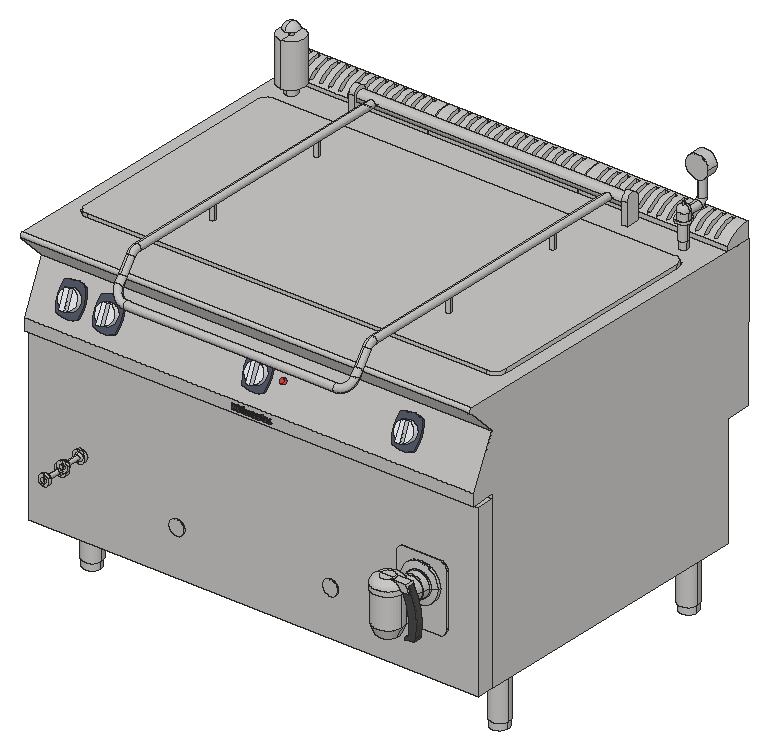
Revit family "QF_ELECTROLUXPROFESSIONAL_391105_E9BSGLIUFE", category Specialty Equipment, Revit 2018
Family settings
  Round Connector Dimension = Use Diameter
  Part Type = Normal
  Work Plane-Based = No
  Always vertical = Yes
  Cut with Voids When Loaded = No
  Shared = No
  Room Calculation Point = No
Parameters
  Width = 1200 mm  # constant formula
  Weight in Pounds = 222  # constant formula
  Watts = 0 W
  Waste Water Discharge Temperature [instance] = -459.67 °F
  Volts = 230 V  # constant formula
  URL Cutsheet = "www.electrolux.com"
  URL = "www.electrolux.com"
  Type Mark [instance] = ""
  Status [instance] = ""
  Specification by User [instance] = ""
  Specification by Manufacturer = ""
  Show Logo [instance] = yes
  Show Clearance [instance] = yes
  Serial Number = ""
  Seismic Rating = ""
  SMACNA No = ""
  Revision Code [instance] = ""
  Plumbing Remarks [instance] = ""
  Plumbing Connection Type [instance] = ""
  Phase = 1
  Omniclass Number and Title = ""
  Number of Poles [instance] = 1
  NAFEM Spec ID Number = ""
  Model = "391105"
  Min Ckt Ampacity = 0 A
  Mechanical Remarks [instance] = ""
  Mechanical Connection Type [instance] = ""
  Max Overcurrent Protection = 0 A
  Masterspec = ""
  Manufacturer = "ELECTROLUX"
  Item Number [instance] = ""
  Installed By [instance] = ""
  Indirect Waste Size = 1"
  Indirect Waste Flow [instance] = 0 GPM
  Indirect Waste Connection Type [instance] = ""
  Indirect Waste Connection Height [instance] = 0 mm
  Identify Quantity as Lot [instance] = yes
  Hot Water Temperature [instance] = -459.67 °F
  Hot Water Size = 3/4"
  Hot Water RI Height [instance] = 0 mm
  Hot Water Minimum Pressure = 0.00 psi
  Hot Water Maximum Pressure = 0.00 psi
  Hot Water Flow [instance] = 0 GPM
  Hot Water Consumption = 0 GPM
  Hot Water Connection Height = 0 mm
  Height = 850 mm  # constant formula
  HP = "0.1 HP"
  Gas Size = 3/4"
  Gas RI Height [instance] = 0 mm
  Gas KW [instance] = 35  # constant formula
  Gas Input [instance] = 34967.8 VA  # 119315.0 Btu/h
  Gas Connection Height = 0 mm
  Furnished By [instance] = ""
  Foodservice Equipment Identifier [instance] = yes
  FL Amps = if(Phase = 3, Watts / (Volts * 1.73), Watts / Volts)  # 0 A
  Electrical Remarks [instance] = "230 V/1N ph/50/60 Hz"  # constant formula
  Electric Connection Type [instance] = ""
  Elec Conn RI Height [instance] = 0 mm
  Elec Conn Connection Height [instance] = 0 mm
  Direct Waste Size = 1/2"
  Description = "900XP GAS RECTANGULAR BOILING PAN 250LT - 230 V"
  Depth = 930 mm  # constant formula
  Cycle [instance] = if([60 Hertz Option], 60 Hz, 50 Hz)  # 60 Hz
  Conn Plug = ""
  Conn Conduit = yes
  Cold Water Temperature Recommended [instance] = -459.67 °F
  Cold Water Size = 3/4"
  Cold Water RI Height [instance] = 0 mm
  Cold Water Minimum Pressure = 0.00 psi
  Cold Water Maximum Pressure = 0.00 psi
  Cold Water Flow [instance] = 0 GPM
  Cold Water Consumption = ""
  Cold Water Connection Height = 0 mm
  CSI MasterFormat = ""
  CSI Master Format = ""
  Apparent Power = if(Phase = 3, Volts * FL Amps * 1.73, Volts * FL Amps)  # 0 VA
  60 Hertz Option [instance] = not([50 Hertz Option])  # yes
  50 Hertz Option [instance] = no
Reference planes
  plane 1 "BACK": y = 0
  plane 2: z = 0
  plane 3 "LEFT": x = 0
  plane 4 "RIGHT": x = 1200
  plane 5 "FRONT": y = -930
  plane 6 "TOP": z = 850
  plane 7 "Center Y": x = 600
  plane 8 "Center X": y = -465
  plane 9: z = 1734
  plane 10: z = 150
  plane 11: y = -130
  plane 12: y = -760
  plane 13: y = -1015
  plane 14: x = 56
  plane 15: x = 1144
  plane 16: x = 1060
  plane 17: x = 100
  plane 18: x = 160
Forms (mm)
  Extrusion 1, solid, material "QF_Finishes_Stainless Steel"
    sketch origin (0, 0, 576.213) x (0, 1, 0) y (0, 0, 1)
      loop
        line (0, -127.212) -> (0, 273.787) -> (-922.342, 273.787)
        arc (-922.342, 273.787) -> (-929.417, 269.06) -> (-927.757, 260.714) r 7.658
        line (-927.757, 260.714) -> (-857.613, 190.57) -> (-915.31, 65.214) -> (-915.31, 33.916) -> (-855.186, 38.612)
        arc (-855.186, 38.612) -> (-852.661, 37.864) -> (-851.569, 35.468) r 3.175
        line (-851.569, 35.468) -> (-851.569, -426.212) -> (-70, -426.212) -> (-70, -127.212) -> (0, -127.212)
      loop
        line (-900, 25.858) -> (-900, -426.212) -> (-854.744, -426.212) -> (-854.744, 25.858) -> (-900, 25.858)
    from 0 to 1200
  Revolve 2, solid, material "QF_Finishes_Stainless Steel"
    sketch origin (1, -130, 0) x (1, 0, 0) y (0, 0, 1)
      loop
        line (55, 0) -> (55, 150) -> (29.6, 150) -> (29.6, 19.05) -> (32.1, 19.05) -> (32.1, 0) -> (55, 0)
      axis (55, 0) -> (55, 150)
    angle from 0 to 360
  Revolve 3, solid, material "QF_Finishes_Stainless Steel"
    sketch origin (1, -760, 0) x (1, 0, 0) y (0, 0, 1)
      loop
        line (55, 0) -> (55, 150) -> (29.6, 150) -> (29.6, 19.05) -> (32.1, 19.05) -> (32.1, 0) -> (55, 0)
      axis (55, 0) -> (55, 150)
    angle from 0 to 360
  Revolve 4, solid, material "QF_Finishes_Stainless Steel"
    sketch origin (1199, -130, 0) x (-1, 0, 0) y (0, 0, -1)
      loop
        line (55, 0) -> (32.1, 0) -> (32.1, -19.05) -> (29.6, -19.05) -> (29.6, -150) -> (55, -150) -> (55, 0)
      axis (55, 0) -> (55, -150)
    angle from 0 to 360
  Revolve 5, solid, material "QF_Finishes_Stainless Steel"
    sketch origin (1199, -760, 0) x (-1, 0, 0) y (0, 0, -1)
      loop
        line (55, 0) -> (32.1, 0) -> (32.1, -19.05) -> (29.6, -19.05) -> (29.6, -150) -> (55, -150) -> (55, 0)
      axis (55, 0) -> (55, -150)
    angle from 0 to 360
  Extrusion 6, solid, material "QF_Finishes_Stainless Steel"
    sketch origin (0, 0, 560.363) x (0, 1, 0) y (0, 0, 1)
      loop
        line (0, 289.638) -> (0, 331.738)
        arc (0, 331.738) -> (-38.857, 324.552) -> (-69.85, 300.038) r 82.056
        line (-69.85, 300.038) -> (-69.85, 289.638) -> (0, 289.638)
    from 0 to 400
  Extrusion 7, void
    sketch origin (0, 0, 835) x (0, -1, 0) y (1, 0, 0)
      loop
        line (6.761, 29.703) -> (63.911, 29.703) -> (63.911, 38.999) -> (6.761, 38.999) -> (6.761, 29.703)
      loop
        line (63.911, 64.487) -> (6.761, 64.487) -> (6.761, 55.191) -> (63.911, 55.191) -> (63.911, 64.487)
      loop
        line (63.911, 89.975) -> (6.761, 89.975) -> (6.761, 80.68) -> (63.911, 80.68) -> (63.911, 89.975)
      loop
        line (63.911, 115.464) -> (6.761, 115.464) -> (6.761, 106.168) -> (63.911, 106.168) -> (63.911, 115.464)
      loop
        line (63.911, 140.952) -> (6.761, 140.952) -> (6.761, 131.656) -> (63.911, 131.656) -> (63.911, 140.952)
      loop
        line (63.911, 166.44) -> (6.761, 166.44) -> (6.761, 157.145) -> (63.911, 157.145) -> (63.911, 166.44)
      loop
        line (63.911, 191.929) -> (6.761, 191.929) -> (6.761, 182.633) -> (63.911, 182.633) -> (63.911, 191.929)
      loop
        line (63.911, 217.417) -> (6.761, 217.417) -> (6.761, 208.121) -> (63.911, 208.121) -> (63.911, 217.417)
      loop
        line (63.911, 242.905) -> (6.761, 242.905) -> (6.761, 233.61) -> (63.911, 233.61) -> (63.911, 242.905)
      loop
        line (63.911, 268.394) -> (6.761, 268.394) -> (6.761, 259.098) -> (63.911, 259.098) -> (63.911, 268.394)
      loop
        line (63.911, 293.882) -> (6.761, 293.882) -> (6.761, 284.586) -> (63.911, 284.586) -> (63.911, 293.882)
      loop
        line (63.911, 319.37) -> (6.761, 319.37) -> (6.761, 310.075) -> (63.911, 310.075) -> (63.911, 319.37)
      loop
        line (63.911, 344.859) -> (6.761, 344.859) -> (6.761, 335.563) -> (63.911, 335.563) -> (63.911, 344.859)
      loop
        line (63.911, 370.347) -> (6.761, 370.347) -> (6.761, 361.051) -> (63.911, 361.051) -> (63.911, 370.347)
    from 25.4 to 63.5
  Extrusion 8, solid, material "QF_Finishes_Navy Blue"
    sketch origin (-437.256, -913.119, 646.186) x (0, 0.418102, 0.9084) y (-1, 0, 0)
      loop
        arc (102.623, -510.47) -> (67.041, -502.846) -> (31.333, -509.853) r 90.5
        arc (31.333, -509.853) -> (24.507, -539.04) -> (31.333, -568.228) r 65.817
        arc (31.333, -568.228) -> (67.04, -575.188) -> (102.623, -567.615) r 91.066
        arc (102.623, -567.615) -> (109.179, -539.043) -> (102.623, -510.47) r 65.546
      loop
        arc (102.623, -610.47) -> (67.041, -602.846) -> (31.333, -609.853) r 90.5
        arc (31.333, -609.853) -> (24.507, -639.04) -> (31.333, -668.228) r 65.817
        arc (31.333, -668.228) -> (67.04, -675.188) -> (102.623, -667.615) r 91.066
        arc (102.623, -667.615) -> (109.179, -639.043) -> (102.623, -610.47) r 65.546
      loop
        arc (102.623, -1065.829) -> (109.179, -1037.256) -> (102.623, -1008.684) r 65.546
        arc (102.623, -1008.684) -> (67.04, -1001.111) -> (31.333, -1008.071) r 91.066
        arc (31.333, -1008.071) -> (24.507, -1037.259) -> (31.333, -1066.446) r 65.817
        arc (31.333, -1066.446) -> (67.041, -1073.453) -> (102.623, -1065.829) r 90.5
      loop
        arc (102.623, -1465.829) -> (109.179, -1437.256) -> (102.623, -1408.684) r 65.546
        arc (102.623, -1408.684) -> (67.04, -1401.111) -> (31.333, -1408.071) r 91.066
        arc (31.333, -1408.071) -> (24.507, -1437.259) -> (31.333, -1466.446) r 65.817
        arc (31.333, -1466.446) -> (67.041, -1473.453) -> (102.623, -1465.829) r 90.5
    from 0 to 3.175
  Extrusion 9, solid, material "QF_Finishes_White"
    sketch origin (-58.506, -916.833, 645.711) x (0, 0.418102, 0.9084) y (-1, 0, 0)
      loop
        circle (68.826, -160.963) r 25.4
      loop
        circle (68.826, -658.506) r 25.4
      loop
        circle (68.826, -260.293) r 25.4
      loop
        circle (68.826, -1058.506) r 25.4
    from 0 to 12.7
  Extrusion 10, solid, material "QF_Finishes_White"
    sketch origin (-58.506, -928.369, 651.021) x (0, 0.418102, 0.9084) y (-1, 0, 0)
      loop
        arc (93.558, -166.749) -> (94.226, -160.963) -> (93.558, -155.177) r 25.4
        line (93.558, -155.177) -> (44.094, -155.177)
        arc (44.094, -155.177) -> (43.426, -160.963) -> (44.094, -166.749) r 25.4
        line (44.094, -166.749) -> (93.558, -166.749)
      loop
        line (93.558, -652.72) -> (44.094, -652.72)
        arc (44.094, -652.72) -> (43.426, -658.506) -> (44.094, -664.292) r 25.4
        line (44.094, -664.292) -> (93.558, -664.292)
        arc (93.558, -664.292) -> (94.226, -658.506) -> (93.558, -652.72) r 25.4
      loop
        line (93.558, -254.506) -> (44.094, -254.506)
        arc (44.094, -254.506) -> (43.426, -260.293) -> (44.094, -266.079) r 25.4
        line (44.094, -266.079) -> (93.558, -266.079)
        arc (93.558, -266.079) -> (94.226, -260.293) -> (93.558, -254.506) r 25.4
      loop
        line (93.558, -1052.72) -> (44.094, -1052.72)
        arc (44.094, -1052.72) -> (43.426, -1058.506) -> (44.094, -1064.292) r 25.4
        line (44.094, -1064.292) -> (93.558, -1064.292)
        arc (93.558, -1064.292) -> (94.226, -1058.506) -> (93.558, -1052.72) r 25.4
    from 0 to 12.7
  Extrusion 11, solid, material "QF_Finishes_Red"
    sketch origin (351.939, -911.18, 650.399) x (0, 0.418102, 0.9084) y (-1, 0, 0)
      loop
        circle (65.471, -315.169) r 6.35
    from 0 to 6
  Extrusion 12, solid, material "QF_Finishes_Navy Blue", visible <- "Show Logo"
    sketch origin (266.109, -915.31, 610.773) x (0, 0, 1) y (-1, 0, 0)
      loop
        line (20.674, -296.698) -> (8.307, -296.698)
        arc (8.307, -296.698) -> (14.491, -301.27) -> (20.674, -296.698) r 6.467
      loop
        arc (20.674, -296.069) -> (19.505, -290.926) -> (14.849, -288.448) r 6.338
        line (14.849, -288.448) -> (14.849, -290.494)
        arc (14.849, -290.494) -> (16.333, -294.149) -> (19.778, -296.069) r 5.941
        line (19.778, -296.069) -> (20.674, -296.069)
      loop
        arc (9.203, -296.069) -> (12.648, -294.149) -> (14.132, -290.494) r 5.941
        line (14.132, -290.494) -> (14.132, -288.448)
        arc (14.132, -288.448) -> (9.438, -290.922) -> (8.148, -296.069) r 6.504
        line (8.148, -296.069) -> (9.203, -296.069)
      loop
        line (21.349, -287.979) -> (7.604, -287.979) -> (7.604, -301.742) -> (21.349, -301.742) -> (21.349, -287.979)
      loop
        arc (21.432, -304.71) -> (21.085, -304.352) -> (20.718, -304.69) r 0.358
        arc (20.718, -304.69) -> (20.404, -305.44) -> (19.687, -305.825) r 1.216
        line (19.687, -305.825) -> (9.274, -305.825)
        arc (9.274, -305.825) -> (8.614, -305.548) -> (8.218, -304.951) r 1.238
        arc (8.218, -304.951) -> (7.823, -304.7) -> (7.518, -305.054) r 0.358
        line (7.518, -305.054) -> (7.518, -314.933) -> (10.269, -314.933) -> (10.269, -314.036)
        arc (10.269, -314.036) -> (9.36, -313.456) -> (8.904, -312.479) r 1.928
        line (8.904, -312.479) -> (8.904, -309.98)
        arc (8.904, -309.98) -> (9.18, -309.251) -> (9.868, -308.887) r 1.101
        line (9.868, -308.887) -> (13.955, -308.887) -> (13.955, -312.561)
        arc (13.955, -312.561) -> (13.602, -313.058) -> (13.037, -313.286) r 1.083
        arc (13.037, -313.286) -> (12.773, -313.591) -> (13.065, -313.869) r 0.292
        line (13.065, -313.869) -> (16.028, -313.869)
        arc (16.028, -313.869) -> (16.33, -313.596) -> (16.092, -313.266) r 0.305
        arc (16.092, -313.266) -> (15.601, -313.018) -> (15.296, -312.561) r 1.083
        line (15.296, -312.561) -> (15.296, -308.887) -> (19.973, -308.887) -> (19.973, -312.635)
        arc (19.973, -312.635) -> (19.759, -313.39) -> (19.153, -313.888) r 1.314
        arc (19.153, -313.888) -> (18.934, -314.292) -> (19.288, -314.585) r 0.361
        line (19.288, -314.585) -> (21.432, -314.585) -> (21.432, -304.71)
      loop
        arc (20.715, -315.365) -> (20.335, -316.284) -> (19.416, -316.664) r 1.299
        line (19.416, -316.664) -> (9.837, -316.664)
        arc (9.837, -316.664) -> (8.999, -316.286) -> (8.728, -315.408) r 1.118
        line (8.728, -315.408) -> (7.518, -315.408) -> (7.518, -320.758) -> (8.706, -320.758)
        arc (8.706, -320.758) -> (8.978, -319.841) -> (9.848, -319.445) r 1.153
        line (9.848, -319.445) -> (21.92, -319.445) -> (20.715, -315.365)
      loop
        line (12.483, -323.394) -> (12.483, -329.842) -> (13.282, -329.842)
        arc (13.282, -329.842) -> (15.862, -328.857) -> (17.131, -326.404) r 3.874
        line (17.131, -326.404) -> (17.131, -324.643)
        arc (17.131, -324.643) -> (15.944, -321.778) -> (13.08, -320.592) r 4.051
        line (13.08, -320.592) -> (11.072, -320.592)
        arc (11.072, -320.592) -> (8.253, -322.077) -> (7.202, -325.084) r 4.352
        arc (7.202, -325.084) -> (7.566, -327.547) -> (8.943, -329.621) r 5.713
        line (8.943, -329.621) -> (9.892, -329.621)
        arc (9.892, -329.621) -> (9.16, -328.052) -> (8.943, -326.334) r 5.579
        arc (8.943, -326.334) -> (9.737, -324.371) -> (11.616, -323.394) r 3.057
        line (11.616, -323.394) -> (12.483, -323.394)
      loop
        line (13.742, -323.394) -> (13.742, -326.977)
        arc (13.742, -326.977) -> (15.199, -327.024) -> (16.082, -325.864) r 1.59
        line (16.082, -325.864) -> (16.082, -325.034)
        arc (16.082, -325.034) -> (15.217, -323.779) -> (13.742, -323.394) r 2.184
      loop
        arc (16.533, -339.259) -> (17.022, -337.585) -> (17.179, -335.848) r 9.023
        line (17.179, -335.848) -> (17.179, -334.486)
        arc (17.179, -334.486) -> (16.02, -331.686) -> (13.22, -330.527) r 3.959
        line (13.22, -330.527) -> (10.62, -330.527)
        arc (10.62, -330.527) -> (8.338, -331.819) -> (7.221, -334.192) r 4.331
        line (7.221, -334.192) -> (7.221, -336.327)
        arc (7.221, -336.327) -> (7.729, -337.877) -> (8.651, -339.223) r 5.772
        arc (8.651, -339.223) -> (9.412, -339.274) -> (9.499, -338.515) r 0.553
        arc (9.499, -338.515) -> (9.111, -337.781) -> (8.977, -336.962) r 2.573
        line (8.977, -336.962) -> (8.977, -335.447)
        arc (8.977, -335.447) -> (9.983, -333.806) -> (11.798, -333.163) r 2.884
        line (11.798, -333.163) -> (13.077, -333.163)
        arc (13.077, -333.163) -> (14.898, -333.723) -> (15.824, -335.388) r 2.554
        line (15.824, -335.388) -> (15.824, -336.441)
        arc (15.824, -336.441) -> (15.493, -337.369) -> (14.836, -338.104) r 2.564
        arc (14.836, -338.104) -> (14.614, -338.821) -> (15.223, -339.259) r 0.643
        line (15.223, -339.259) -> (16.533, -339.259)
      loop
        line (15.515, -339.53) -> (15.515, -341.031) -> (9.467, -341.031)
        arc (9.467, -341.031) -> (7.879, -341.688) -> (7.221, -343.276) r 2.246
        line (7.221, -343.276) -> (7.221, -344.86)
        arc (7.221, -344.86) -> (7.535, -345.725) -> (8.035, -346.496) r 4.06
        arc (8.035, -346.496) -> (8.768, -346.629) -> (9.019, -345.928) r 0.576
        arc (9.019, -345.928) -> (8.913, -345.403) -> (8.977, -344.87) r 1.69
        arc (8.977, -344.87) -> (9.519, -344.082) -> (10.425, -343.779) r 1.506
        line (10.425, -343.779) -> (15.563, -343.779) -> (15.563, -346.176) -> (16.119, -346.733) -> (16.941, -346.733) -> (16.941, -343.873) -> (20.172, -343.873) -> (15.515, -339.53)
      loop
        line (7.438, -347.63) -> (7.438, -353.017) -> (8.548, -353.017)
        arc (8.548, -353.017) -> (8.942, -352.066) -> (9.893, -351.672) r 1.345
        line (9.893, -351.672) -> (13.509, -351.672)
        arc (13.509, -351.672) -> (14.274, -352.264) -> (14.564, -353.186) r 1.615
        line (14.564, -353.186) -> (14.564, -354.742) -> (17.119, -355.427) -> (17.119, -354.044) -> (15.177, -351.485) -> (17.057, -351.485) -> (16.773, -348.779)
        arc (16.773, -348.779) -> (16.333, -348.249) -> (15.674, -348.45) r 0.621
        arc (15.674, -348.45) -> (15.274, -348.792) -> (14.78, -348.975) r 1.501
        line (14.78, -348.975) -> (9.893, -348.975)
        arc (9.893, -348.975) -> (8.942, -348.581) -> (8.548, -347.63) r 1.345
        line (8.548, -347.63) -> (7.438, -347.63)
      loop
        line (13.54, -354.964) -> (10.848, -354.964)
        arc (10.848, -354.964) -> (8.403, -356.272) -> (7.269, -358.803) r 4.288
        arc (7.269, -358.803) -> (7.205, -360.183) -> (7.269, -361.563) r 15.022
        arc (7.269, -361.563) -> (8.403, -364.094) -> (10.848, -365.401) r 4.288
        line (10.848, -365.401) -> (13.54, -365.401)
        arc (13.54, -365.401) -> (15.986, -364.094) -> (17.119, -361.563) r 4.288
        arc (17.119, -361.563) -> (17.183, -360.183) -> (17.119, -358.803) r 15.022
        arc (17.119, -358.803) -> (15.986, -356.272) -> (13.54, -354.964) r 4.288
      loop
        line (13.745, -358.078) -> (10.643, -358.078)
        arc (10.643, -358.078) -> (8.486, -360.235) -> (10.643, -362.392) r 2.157
        line (10.643, -362.392) -> (13.745, -362.392)
        arc (13.745, -362.392) -> (15.902, -360.235) -> (13.745, -358.078) r 2.157
      loop
        arc (20.726, -365.26) -> (20.355, -366.154) -> (19.461, -366.524) r 1.264
        line (19.461, -366.524) -> (9.597, -366.524)
        arc (9.597, -366.524) -> (8.727, -366.127) -> (8.455, -365.211) r 1.153
        line (8.455, -365.211) -> (7.518, -365.211) -> (7.518, -370.319) -> (8.446, -370.319)
        arc (8.446, -370.319) -> (8.805, -369.547) -> (9.597, -369.232) r 1.153
        line (9.597, -369.232) -> (21.92, -369.232) -> (20.726, -365.26)
      loop
        arc (15.846, -369.857) -> (15.647, -370.921) -> (14.678, -371.403) r 1.215
        line (14.678, -371.403) -> (9.658, -371.403)
        arc (9.658, -371.403) -> (8.043, -372.051) -> (7.322, -373.634) r 2.338
        line (7.322, -373.634) -> (7.322, -375.148)
        arc (7.322, -375.148) -> (7.497, -376.152) -> (7.999, -377.038) r 2.979
        line (7.999, -377.038) -> (7.518, -378.835) -> (7.518, -380.524) -> (16.943, -380.524) -> (16.649, -376.32) -> (15.863, -376.32)
        arc (15.863, -376.32) -> (15.507, -377.156) -> (14.755, -377.665) r 1.605
        line (14.755, -377.665) -> (9.652, -377.665)
        arc (9.652, -377.665) -> (9.232, -376.728) -> (9.159, -375.704) r 2.94
        arc (9.159, -375.704) -> (9.72, -374.603) -> (10.873, -374.16) r 1.724
        line (10.873, -374.16) -> (17.07, -374.16) -> (15.846, -369.857)
      loop
        line (16.874, -381.377) -> (15.202, -383.423) -> (12.028, -385.729) -> (8.572, -382.617)
        arc (8.572, -382.617) -> (8.335, -382.223) -> (8.357, -381.764) r 0.789
        line (8.357, -381.764) -> (7.518, -381.764) -> (7.518, -385.309) -> (8.344, -385.309)
        arc (8.344, -385.309) -> (8.686, -384.947) -> (9.176, -385.039) r 0.52
        line (9.176, -385.039) -> (10.976, -386.51) -> (8.858, -387.886)
        arc (8.858, -387.886) -> (8.457, -387.576) -> (8.37, -387.076) r 0.7
        line (8.37, -387.076) -> (7.518, -387.076) -> (7.518, -393.003) -> (8.405, -393.003)
        arc (8.405, -393.003) -> (8.472, -392.344) -> (8.866, -391.813) r 1.247
        line (8.866, -391.813) -> (13.066, -388.532) -> (15.513, -390.585) -> (16.874, -392.327) -> (16.874, -388.604) -> (15.389, -389.026) -> (13.868, -387.749) -> (15.568, -386.559) -> (16.874, -387.336) -> (16.874, -381.377)
    from 0 to 1.644
  Extrusion 13, solid, material "QF_Finishes_Stainless Steel"
    sketch origin (0, -900, 592.071) x (0, 0, 1) y (-1, 0, 0)
      loop
        circle (-320.2, -394.973) r 20
      loop
        circle (-320.2, -805.027) r 20
    from 0 to 1.6
  Extrusion 14, solid, material "QF_Finishes_Stainless Steel"
    sketch origin (650, -900, 592.071) x (0, 0, 1) y (-1, 0, 0)
      loop
        arc (-150.774, -353.125) -> (-156.632, -338.983) -> (-170.774, -333.125) r 20
        line (-170.774, -333.125) -> (-310.774, -333.125)
        arc (-310.774, -333.125) -> (-324.916, -338.983) -> (-330.774, -353.125) r 20
        line (-330.774, -353.125) -> (-330.774, -446.875)
        arc (-330.774, -446.875) -> (-324.916, -461.017) -> (-310.774, -466.875) r 20
        line (-310.774, -466.875) -> (-170.774, -466.875)
        arc (-170.774, -466.875) -> (-156.632, -461.017) -> (-150.774, -446.875) r 20
        line (-150.774, -446.875) -> (-150.774, -353.125)
    from 0 to 3.2
  Revolve 15, solid, material "QF_Finishes_Stainless Steel"
    sketch origin (700, -127.411, 373.218) x (1, 0, 0) y (0, 1, 0)
      loop
        line (350, -775.828) -> (350, -864.845) -> (377.31, -864.845) -> (377.31, -807.326) -> (381.52, -807.326) -> (381.52, -788.802) -> (383.56, -788.802) -> (383.56, -785.903) -> (400.479, -782.307) -> (400.479, -775.828) -> (350, -775.828)
      axis (350, -864.845) -> (350, -775.828)
    angle from 0 to 360
  Revolve 16, solid, material "QF_Finishes_Stainless Steel"
    sketch origin (700, -1015, -175.451) x (1, 0, 0) y (0, 0, 1)
      loop
        line (387.487, 584.414) -> (391.109, 584.414) -> (391.109, 596.458)
        arc (391.109, 596.458) -> (383.595, 608.72) -> (370.039, 613.521) r 21.541
        line (370.039, 613.521) -> (350, 613.521) -> (350, 475.451) -> (376.476, 475.451) -> (387.487, 500.451) -> (387.487, 584.414)
      axis (350, 475.451) -> (350, 613.521)
    angle from 0 to 360
  Extrusion 17, solid, material "QF_Finishes_Black"
    sketch origin (650, -930, 35) x (1, 0, 0) y (0, 0, 1)
      loop
        arc (462.072, 282.761) -> (458.739, 279.204) -> (454.343, 277.096) r 13.226
        arc (454.343, 277.096) -> (451.562, 273.099) -> (455.036, 269.686) r 3.774
        line (455.036, 269.686) -> (472.172, 272.033)
        arc (472.172, 272.033) -> (478.889, 276.04) -> (480.667, 283.655) r 10
        arc (480.667, 283.655) -> (479.826, 343.081) -> (460.542, 399.297) r 188.693
        line (460.542, 399.297) -> (438.183, 399.297)
        arc (438.183, 399.297) -> (458.444, 342.734) -> (462.072, 282.761) r 212.616
    from 77.064 to 92.936
  Extrusion 18, solid, material "QF_Finishes_Stainless Steel"
    sketch origin (650, -930, 35) x (1, 0, 0) y (0, 0, 1)
      loop
        line (436.837, 382.461) -> (463.876, 382.461)
        arc (463.876, 382.461) -> (461.091, 393.228) -> (456.741, 403.464) r 74.823
        line (456.741, 403.464) -> (415.663, 403.464)
        arc (415.663, 403.464) -> (428.508, 395.239) -> (436.837, 382.461) r 36.276
    from 74.362 to 95.975
  Revolve 19, solid, material "QF_Finishes_Stainless Steel"
    sketch origin (138.599, 0, -92.295) x (0, 1, 0) y (0, 0, 1)
      loop
        line (-900, 446.296) -> (-965.345, 446.296) -> (-965.345, 440.585) -> (-962.863, 440.585) -> (-962.863, 431.892) -> (-957.863, 431.892) -> (-957.863, 435.145) -> (-952.863, 435.145) -> (-952.863, 440.585) -> (-912.544, 440.585)
        arc (-912.544, 440.585) -> (-910.281, 437.945) -> (-907.228, 436.28) r 9.637
        line (-907.228, 436.28) -> (-907.228, 429.925) -> (-900, 429.925) -> (-900, 446.296)
      axis (-965.345, 446.296) -> (-900, 446.296)
    angle from 0 to 360
  Revolve 20, solid, material "QF_Finishes_Stainless Steel"
    sketch origin (89.102, 0, -141.793) x (0, 1, 0) y (0, 0, 1)
      loop
        line (-900, 446.296) -> (-965.345, 446.296) -> (-965.345, 440.585) -> (-962.863, 440.585) -> (-962.863, 431.892) -> (-957.863, 431.892) -> (-957.863, 435.145) -> (-952.863, 435.145) -> (-952.863, 440.585) -> (-912.544, 440.585)
        arc (-912.544, 440.585) -> (-910.281, 437.945) -> (-907.228, 436.28) r 9.637
        line (-907.228, 436.28) -> (-907.228, 429.925) -> (-900, 429.925) -> (-900, 446.296)
      axis (-965.345, 446.296) -> (-900, 446.296)
    angle from 0 to 360
  Extrusion 21, solid, material "QF_Finishes_Stainless Steel"
    sketch origin (400, 0, 560.363) x (0, 1, 0) y (0, 0, 1)
      loop
        line (0, 289.638) -> (0, 331.738)
        arc (0, 331.738) -> (-38.857, 324.552) -> (-69.85, 300.038) r 82.056
        line (-69.85, 300.038) -> (-69.85, 289.638) -> (0, 289.638)
    from 0 to 400
  Extrusion 22, void
    sketch origin (400, 0, 835) x (0, -1, 0) y (1, 0, 0)
      loop
        line (6.761, 29.703) -> (63.911, 29.703) -> (63.911, 38.999) -> (6.761, 38.999) -> (6.761, 29.703)
      loop
        line (63.911, 64.487) -> (6.761, 64.487) -> (6.761, 55.191) -> (63.911, 55.191) -> (63.911, 64.487)
      loop
        line (63.911, 89.975) -> (6.761, 89.975) -> (6.761, 80.68) -> (63.911, 80.68) -> (63.911, 89.975)
      loop
        line (63.911, 115.464) -> (6.761, 115.464) -> (6.761, 106.168) -> (63.911, 106.168) -> (63.911, 115.464)
      loop
        line (63.911, 140.952) -> (6.761, 140.952) -> (6.761, 131.656) -> (63.911, 131.656) -> (63.911, 140.952)
      loop
        line (63.911, 166.44) -> (6.761, 166.44) -> (6.761, 157.145) -> (63.911, 157.145) -> (63.911, 166.44)
      loop
        line (63.911, 191.929) -> (6.761, 191.929) -> (6.761, 182.633) -> (63.911, 182.633) -> (63.911, 191.929)
      loop
        line (63.911, 217.417) -> (6.761, 217.417) -> (6.761, 208.121) -> (63.911, 208.121) -> (63.911, 217.417)
      loop
        line (63.911, 242.905) -> (6.761, 242.905) -> (6.761, 233.61) -> (63.911, 233.61) -> (63.911, 242.905)
      loop
        line (63.911, 268.394) -> (6.761, 268.394) -> (6.761, 259.098) -> (63.911, 259.098) -> (63.911, 268.394)
      loop
        line (63.911, 293.882) -> (6.761, 293.882) -> (6.761, 284.586) -> (63.911, 284.586) -> (63.911, 293.882)
      loop
        line (63.911, 319.37) -> (6.761, 319.37) -> (6.761, 310.075) -> (63.911, 310.075) -> (63.911, 319.37)
      loop
        line (63.911, 344.859) -> (6.761, 344.859) -> (6.761, 335.563) -> (63.911, 335.563) -> (63.911, 344.859)
      loop
        line (63.911, 370.347) -> (6.761, 370.347) -> (6.761, 361.051) -> (63.911, 361.051) -> (63.911, 370.347)
    from 25.4 to 63.5
  Extrusion 23, solid, material "QF_Finishes_Stainless Steel"
    sketch origin (800, 0, 560.363) x (0, 1, 0) y (0, 0, 1)
      loop
        line (0, 289.638) -> (0, 331.738)
        arc (0, 331.738) -> (-38.857, 324.552) -> (-69.85, 300.038) r 82.056
        line (-69.85, 300.038) -> (-69.85, 289.638) -> (0, 289.638)
    from 0 to 400
  Extrusion 24, void
    sketch origin (800, 0, 835) x (0, -1, 0) y (1, 0, 0)
      loop
        line (6.761, 29.703) -> (63.911, 29.703) -> (63.911, 38.999) -> (6.761, 38.999) -> (6.761, 29.703)
      loop
        line (63.911, 64.487) -> (6.761, 64.487) -> (6.761, 55.191) -> (63.911, 55.191) -> (63.911, 64.487)
      loop
        line (63.911, 89.975) -> (6.761, 89.975) -> (6.761, 80.68) -> (63.911, 80.68) -> (63.911, 89.975)
      loop
        line (63.911, 115.464) -> (6.761, 115.464) -> (6.761, 106.168) -> (63.911, 106.168) -> (63.911, 115.464)
      loop
        line (63.911, 140.952) -> (6.761, 140.952) -> (6.761, 131.656) -> (63.911, 131.656) -> (63.911, 140.952)
      loop
        line (63.911, 166.44) -> (6.761, 166.44) -> (6.761, 157.145) -> (63.911, 157.145) -> (63.911, 166.44)
      loop
        line (63.911, 191.929) -> (6.761, 191.929) -> (6.761, 182.633) -> (63.911, 182.633) -> (63.911, 191.929)
      loop
        line (63.911, 217.417) -> (6.761, 217.417) -> (6.761, 208.121) -> (63.911, 208.121) -> (63.911, 217.417)
      loop
        line (63.911, 242.905) -> (6.761, 242.905) -> (6.761, 233.61) -> (63.911, 233.61) -> (63.911, 242.905)
      loop
        line (63.911, 268.394) -> (6.761, 268.394) -> (6.761, 259.098) -> (63.911, 259.098) -> (63.911, 268.394)
      loop
        line (63.911, 293.882) -> (6.761, 293.882) -> (6.761, 284.586) -> (63.911, 284.586) -> (63.911, 293.882)
      loop
        line (63.911, 319.37) -> (6.761, 319.37) -> (6.761, 310.075) -> (63.911, 310.075) -> (63.911, 319.37)
      loop
        line (63.911, 344.859) -> (6.761, 344.859) -> (6.761, 335.563) -> (63.911, 335.563) -> (63.911, 344.859)
      loop
        line (63.911, 370.347) -> (6.761, 370.347) -> (6.761, 361.051) -> (63.911, 361.051) -> (63.911, 370.347)
    from 25.4 to 63.5
  Extrusion 25, solid, material "QF_Finishes_Stainless Steel"
    sketch origin (771.071, 3.488, 39.209) x (0, 1, 0) y (0, 0, -1)
      loop
        line (-86.2, -810.791) -> (-120.988, -810.791) -> (-120.988, -867.861)
        arc (-120.988, -867.861) -> (-103.594, -885.255) -> (-86.2, -867.861) r 17.394
        line (-86.2, -867.861) -> (-86.2, -810.791)
    from 527.978 to 542.561
  Extrusion 26, solid, material "QF_Finishes_Stainless Steel"
    sketch origin (428.929, 3.488, 39.209) x (0, 1, 0) y (0, 0, 1)
      loop
        line (-86.2, 810.791) -> (-86.2, 867.861)
        arc (-86.2, 867.861) -> (-103.594, 885.255) -> (-120.988, 867.861) r 17.394
        line (-120.988, 867.861) -> (-120.988, 810.791) -> (-86.2, 810.791)
    from 527.978 to 542.561
  Extrusion 27, void
    sketch origin (0, 0, 0) x (1, 0, 0) y (0, 1, 0)
      loop
        line (46.71, -190.49) -> (46.71, -760.931)
        arc (46.71, -760.931) -> (52.568, -775.073) -> (66.71, -780.931) r 20
        line (66.71, -780.931) -> (1133.29, -780.931)
        arc (1133.29, -780.931) -> (1147.432, -775.073) -> (1153.29, -760.931) r 20
        line (1153.29, -760.931) -> (1153.29, -190.49)
        arc (1153.29, -190.49) -> (1147.432, -176.348) -> (1133.29, -170.49) r 20
        line (1133.29, -170.49) -> (66.71, -170.49)
        arc (66.71, -170.49) -> (52.568, -176.348) -> (46.71, -190.49) r 20
    from 449 to 830.033
  Extrusion 28, void
    sketch origin (0, 0, 0) x (1, 0, 0) y (0, 1, 0)
      loop
        arc (66.71, -158.49) -> (44.082, -167.862) -> (34.71, -190.49) r 32
        line (34.71, -190.49) -> (34.71, -760.931)
        arc (34.71, -760.931) -> (44.082, -783.558) -> (66.71, -792.931) r 32
        line (66.71, -792.931) -> (1133.29, -792.931)
        arc (1133.29, -792.931) -> (1155.918, -783.558) -> (1165.29, -760.931) r 32
        line (1165.29, -760.931) -> (1165.29, -190.49)
        arc (1165.29, -190.49) -> (1155.918, -167.862) -> (1133.29, -158.49) r 32
        line (1133.29, -158.49) -> (66.71, -158.49)
    from 830.033 to 850
  Extrusion 29, solid, material "QF_Finishes_Stainless Steel"
    sketch origin (0, 0, 830.033) x (1, 0, 0) y (0, 1, 0)
      loop
        arc (66.71, -162.49) -> (46.911, -170.691) -> (38.71, -190.49) r 28
        line (38.71, -190.49) -> (38.71, -760.931)
        arc (38.71, -760.931) -> (46.911, -780.73) -> (66.71, -788.931) r 28
        line (66.71, -788.931) -> (1133.29, -788.931)
        arc (1133.29, -788.931) -> (1153.089, -780.73) -> (1161.29, -760.931) r 28
        line (1161.29, -760.931) -> (1161.29, -190.49)
        arc (1161.29, -190.49) -> (1153.089, -170.691) -> (1133.29, -162.49) r 28
        line (1133.29, -162.49) -> (66.71, -162.49)
    from 0 to 27.767
  Extrusion 30, solid, material "QF_Finishes_Stainless Steel"
    sketch origin (45, 3.488, -26.168) x (0, 1, 0) y (0, 0, 1)
      loop
        circle (-103.594, 927.13) r 15
    from 198.093 to 911.907
  Sweep 31, solid, material "QF_Finishes_Stainless Steel"
    path origin (0, 0, 0) x (0, 1, 0) y (0, 0, 1)
      loop
        line (-100.106, 900.961) -> (-897.203, 900.961)
        arc (-897.203, 900.961) -> (-908.553, 898.236) -> (-917.428, 890.656) r 25
        line (-917.428, 890.656) -> (-943.879, 854.25)
    profile origin (0, -498.654, 900.961) x (0, 0, -1) y (1, 0, 0)
      loop
        circle (0, 284.79) r 9.5
      loop
        circle (0, 915.21) r 9.5
  Sweep 32, solid, material "QF_Finishes_Stainless Steel"
    path origin (0, -1452.357, 154.39) x (1, 0, 0) y (0, 0.587785, 0.809017)
      loop
        line (284.79, 865.075) -> (284.79, 845.075)
        arc (284.79, 845.075) -> (295.041, 820.326) -> (319.79, 810.075) r 35
        line (319.79, 810.075) -> (880.21, 810.075)
        arc (880.21, 810.075) -> (904.959, 820.326) -> (915.21, 845.075) r 35
        line (915.21, 845.075) -> (915.21, 865.075)
    profile origin (600, -976.207, 809.754) x (0, 0.587785, 0.809017) y (0, -0.809017, 0.587785)
      loop
        circle (0, 0) r 9.5
  Extrusion 33, solid, material "QF_Finishes_Stainless Steel"
    sketch origin (0, 0, 857.8) x (1, 0, 0) y (0, 1, 0)
      loop
        circle (284.79, -643.128) r 6
      loop
        circle (915.21, -643.128) r 6
      loop
        circle (284.79, -296.872) r 6
      loop
        circle (915.21, -296.872) r 6
    from 0 to 43.897
  Extrusion 34, solid, material "QF_Clearances", visible <- "Show Clearance", detail levels coarse
    sketch origin (0, -143.767, 786.306) x (1, 0, 0) y (0, 0.249903, -0.968271)
      loop
        arc (66.71, -162.49) -> (46.911, -170.691) -> (38.71, -190.49) r 28
        line (38.71, -190.49) -> (38.71, -760.931)
        arc (38.71, -760.931) -> (46.911, -780.73) -> (66.71, -788.931) r 28
        line (66.71, -788.931) -> (1133.29, -788.931)
        arc (1133.29, -788.931) -> (1153.089, -780.73) -> (1161.29, -760.931) r 28
        line (1161.29, -760.931) -> (1161.29, -190.49)
        arc (1161.29, -190.49) -> (1153.089, -170.691) -> (1133.29, -162.49) r 28
        line (1133.29, -162.49) -> (66.71, -162.49)
    from 0 to 27.767
  Sweep 35, solid, material "QF_Clearances", visible <- "Show Clearance", detail levels coarse
    path origin (0, -947.464, 578.878) x (0, 0.249903, -0.968271) y (0, 0.968271, 0.249903)
      loop
        line (-100.106, 900.961) -> (-897.203, 900.961)
        arc (-897.203, 900.961) -> (-908.553, 898.236) -> (-917.428, 890.656) r 25
        line (-917.428, 890.656) -> (-943.879, 854.25)
    profile origin (0, -199.705, 1286.864) x (0, -0.968271, -0.249903) y (1, 0, 0)
      loop
        circle (0, 284.79) r 9.5
      loop
        circle (0, 915.21) r 9.5
  Sweep 36, solid, material "QF_Clearances", visible <- "Show Clearance", detail levels coarse
    path origin (0, -1160.921, 2023.736) x (1, 0, 0) y (0, 0.930237, -0.36696)
      loop
        line (284.79, 865.075) -> (284.79, 845.075)
        arc (284.79, 845.075) -> (295.041, 820.326) -> (319.79, 810.075) r 35
        line (319.79, 810.075) -> (880.21, 810.075)
        arc (880.21, 810.075) -> (904.959, 820.326) -> (915.21, 845.075) r 35
        line (915.21, 845.075) -> (915.21, 865.075)
    profile origin (600, -407.359, 1726.471) x (0, 0.930237, -0.36696) y (0, 0.36696, 0.930237)
      loop
        circle (0, 0) r 9.5
  Extrusion 37, solid, material "QF_Clearances", visible <- "Show Clearance", detail levels coarse
    sketch origin (0, -116.881, 793.245) x (1, 0, 0) y (0, 0.249903, -0.968271)
      loop
        circle (284.79, -643.128) r 6
      loop
        circle (915.21, -643.128) r 6
      loop
        circle (284.79, -296.872) r 6
      loop
        circle (915.21, -296.872) r 6
    from 0 to 43.897
  Revolve 38, solid, material "QF_Finishes_Stainless Steel"
    sketch origin (67.5, 0, 0) x (0, 1, 0) y (0, 0, 1)
      loop
        line (-110, 850) -> (-110, 1020)
        arc (-110, 1020) -> (-122.5, 1015.833) -> (-130, 1005) r 20.833
        line (-130, 1005) -> (-115, 1005) -> (-115, 990) -> (-145, 990) -> (-145, 875) -> (-125, 875) -> (-125, 850) -> (-110, 850)
      axis (-110, 850) -> (-110, 1020)
    angle from 0 to 360
  Revolve 39, solid, material "QF_Finishes_Stainless Steel"
    sketch origin (-5, -115, 0) x (1, 0, 0) y (0, 0, 1)
      loop
        line (1124, 850) -> (1134, 850) -> (1134, 871.175) -> (1135.563, 871.175) -> (1135.563, 916.175) -> (1144, 916.175) -> (1144, 921.175) -> (1139, 921.175) -> (1139, 939.925)
        arc (1139, 939.925) -> (1135.372, 949.706) -> (1126.244, 954.756) r 15
        line (1126.244, 954.756) -> (1126.244, 960) -> (1124, 960) -> (1124, 850)
      axis (1124, 850) -> (1124, 960)
    angle from 0 to 360
  Sweep 40, solid, material "QF_Finishes_Stainless Steel"
    path origin (1119, 0, 0) x (0, 1, 0) y (0, 0, 1)
      loop
        line (-115.106, 932.5) -> (-67.659, 932.5)
        arc (-67.659, 932.5) -> (-57.052, 936.893) -> (-52.659, 947.5) r 15
        line (-52.659, 947.5) -> (-52.659, 997.5)
    profile origin (1119, -91.383, 932.5) x (0, 0, 1) y (1, 0, 0)
      loop
        circle (0, 0) r 10
  Extrusion 41, solid, material "QF_Finishes_Stainless Steel"
    sketch origin (0, 0, 0) x (1, 0, 0) y (0, 0, 1)
      loop
        circle (1119, 1024.375) r 30
    from 40.421 to 69.85
  Extrusion 42, solid, material "QF_Finishes_Stainless Steel"
    sketch origin (0, -652.222, 150) x (1, 0, 0) y (0, -1, 0)
      loop
        circle (1060, 152.078) r 6.35
    from 0 to 13
  Extrusion 43, solid, material "QF_Finishes_Stainless Steel"
    sketch origin (0, -652.222, 150) x (1, 0, 0) y (0, -1, 0)
      loop
        circle (100, 52.078) r 9.525
      loop
        circle (160, 152.078) r 9.525
      loop
        circle (140, 82.078) r 12.7
    from 0 to 13
  Extrusion 44, solid, material "QF_Clearances", visible <- "Show Clearance", detail levels coarse
    sketch origin (0, 0, 0) x (1, 0, 0) y (0, 1, 0)
      loop
        line (0, -930) -> (0, 0) -> (1200, 0) -> (1200, -930) -> (1250, -930) -> (1250, 50) -> (-50, 50) -> (-50, -930) -> (0, -930)
    from 0 to 892.1
Cuts and joins
  Extrusion 7, Extrusion 22 cuts Extrusion 6
  Extrusion 22, Extrusion 24 cuts Extrusion 21
  Extrusion 24 cuts Extrusion 23
  Extrusion 27, Extrusion 28 cuts Extrusion 1
  joined: Sweep 31, Sweep 32
Lines and regions (mm)
  Split face 1
    outline origin (-437.256, -916.003, 647.513) x (0, 0.418102, 0.9084) y (-1, 0, 0)
      loop
        arc (80.19, -512.856) -> (91.229, -518.794) -> (100.317, -527.428) r 47.208
        arc (100.317, -527.428) -> (101.289, -527.595) -> (101.577, -526.651) r 0.746
        arc (101.577, -526.651) -> (92.891, -514.788) -> (80.19, -507.381) r 36.041
        line (80.19, -507.381) -> (80.19, -512.856)
  Split face 2
    outline origin (-337.927, -916.003, 647.513) x (0, 0.418102, 0.9084) y (-1, 0, 0)
      loop
        arc (80.19, -512.856) -> (91.229, -518.794) -> (100.317, -527.428) r 47.208
        arc (100.317, -527.428) -> (101.289, -527.595) -> (101.577, -526.651) r 0.746
        arc (101.577, -526.651) -> (92.891, -514.788) -> (80.19, -507.381) r 36.041
        line (80.19, -507.381) -> (80.19, -512.856)
  Split face 3
    outline origin (0, -69.85, 0) x (1, 0, 0) y (0, 0, 1)
      loop
        circle (1119, 1024.375) r 27.37
  symbolic lines, style "QF_Clearances", visible <- "Show Clearance", detail levels coarse
    curve 1: line (1250, -930, 0) -> (1250, 50, 0)
    curve 2: line (1250, 50, 0) -> (-50, 50, 0)
    curve 3: line (-50, 50, 0) -> (-50, -930, 0)
  symbolic lines
    curve 4: line (38.71, -190.49, 0) -> (38.71, -760.931, 0)
    curve 5: arc (38.71, -760.931, 0) -> (46.911, -780.73, 0) -> (66.71, -788.931, 0) r 28
    curve 6: line (66.71, -788.931, 0) -> (275.29, -788.931, 0)
    curve 7: arc (1133.29, -788.931, 0) -> (1153.089, -780.73, 0) -> (1161.29, -760.931, 0) r 28
    curve 8: line (1161.29, -760.931, 0) -> (1161.29, -190.49, 0)
    curve 9: arc (1161.29, -190.49, 0) -> (1153.089, -170.691, 0) -> (1133.29, -162.49, 0) r 28
    curve 10: line (1133.29, -162.49, 0) -> (924.71, -162.49, 0)
    curve 11: arc (66.71, -162.49, 0) -> (46.911, -170.691, 0) -> (38.71, -190.49, 0) r 28
    curve 12: line (34.71, -760.931, 0) -> (34.71, -190.49, 0)
    curve 13: arc (34.71, -190.49, 0) -> (44.082, -167.862, 0) -> (66.71, -158.49, 0) r 32
    curve 14: line (66.71, -158.49, 0) -> (275.29, -158.49, 0)
    curve 15: arc (1133.29, -158.49, 0) -> (1155.918, -167.862, 0) -> (1165.29, -190.49, 0) r 32
    curve 16: line (1165.29, -190.49, 0) -> (1165.29, -760.931, 0)
    curve 17: arc (1165.29, -760.931, 0) -> (1155.918, -783.558, 0) -> (1133.29, -792.931, 0) r 32
    curve 18: line (1133.29, -792.931, 0) -> (924.71, -792.931, 0)
    curve 19: arc (66.71, -792.931, 0) -> (44.082, -783.558, 0) -> (34.71, -760.931, 0) r 32
    curve 20: line (228.51, -82.712, 0) -> (243.093, -82.712, 0)
    curve 21: line (228.51, -117.5, 0) -> (228.51, -82.712, 0)
    curve 22: line (243.093, -117.5, 0) -> (228.51, -117.5, 0)
    curve 23: line (243.093, -82.712, 0) -> (243.093, -117.5, 0)
    curve 24: line (243.093, -115.106, 0) -> (956.907, -115.106, 0)
    curve 25: line (243.093, -85.106, 0) -> (956.907, -85.106, 0)
    curve 26: line (971.49, -82.712, 0) -> (956.907, -82.712, 0)
    curve 27: line (971.49, -117.5, 0) -> (971.49, -82.712, 0)
    curve 28: line (956.907, -117.5, 0) -> (971.49, -117.5, 0)
    curve 29: line (956.907, -82.712, 0) -> (956.907, -117.5, 0)
    curve 30: line (275.29, -115.106, 0) -> (275.29, -957.147, 0)
    curve 31: line (294.29, -115.106, 0) -> (294.29, -955.106, 0)
    curve 32: line (924.71, -115.106, 0) -> (924.71, -957.147, 0)
    curve 33: line (905.71, -115.106, 0) -> (905.71, -955.106, 0)
    curve 34: line (320.248, -966.622, 0) -> (879.752, -966.622, 0)
    curve 35: line (320.248, -985.684, 0) -> (879.752, -985.684, 0)
    curve 36: arc (294.29, -955.106, 0) -> (306.049, -963.614, 0) -> (320.248, -966.622, 0) r 35.016
    curve 37: arc (275.29, -957.147, 0) -> (279.778, -969.197, 0) -> (289.269, -977.873, 0) r 27.4
    curve 38: arc (289.269, -977.873, 0) -> (304.255, -983.777, 0) -> (320.248, -985.684, 0) r 62.925
    curve 39: arc (905.71, -955.106, 0) -> (893.951, -963.614, 0) -> (879.752, -966.622, 0) r 35.016
    curve 40: arc (924.71, -957.147, 0) -> (920.222, -969.197, 0) -> (910.731, -977.873, 0) r 27.4
    curve 41: arc (910.731, -977.873, 0) -> (895.745, -983.777, 0) -> (879.752, -985.684, 0) r 62.925
    curve 42: line (1200, -930, 0) -> (924.71, -930, 0)
    curve 43: line (1200, 0, 0) -> (1200, -930, 0)
    curve 44: line (0, 0, 0) -> (1200, 0, 0)
    curve 45: line (0, -930, 0) -> (0, 0, 0)
    curve 46: line (0, -69.85, 0) -> (1200, -69.85, 0)
    curve 47: arc (67.5, -75, 0) -> (102.5, -110, 0) -> (67.5, -145, 0) r 35
    curve 48: arc (67.5, -145, 0) -> (32.5, -110, 0) -> (67.5, -75, 0) r 35
    curve 49: arc (67.5, -130, 0) -> (87.5, -110, 0) -> (67.5, -90, 0) r 20
    curve 50: arc (67.5, -90, 0) -> (47.5, -110, 0) -> (67.5, -130, 0) r 20
    curve 51: line (29.703, -6.761, 0) -> (38.999, -6.761, 0)
    curve 52: line (29.703, -63.911, 0) -> (29.703, -6.761, 0)
    curve 53: line (38.999, -63.911, 0) -> (29.703, -63.911, 0)
    curve 54: line (38.999, -6.761, 0) -> (38.999, -63.911, 0)
    curve 55: line (64.487, -63.911, 0) -> (55.191, -63.911, 0)
    curve 56: line (64.487, -6.761, 0) -> (64.487, -63.911, 0)
    curve 57: line (55.191, -6.761, 0) -> (64.487, -6.761, 0)
    curve 58: line (55.191, -63.911, 0) -> (55.191, -6.761, 0)
    curve 59: line (89.975, -63.911, 0) -> (80.68, -63.911, 0)
    curve 60: line (89.975, -6.761, 0) -> (89.975, -63.911, 0)
    curve 61: line (80.68, -6.761, 0) -> (89.975, -6.761, 0)
    curve 62: line (80.68, -63.911, 0) -> (80.68, -6.761, 0)
    curve 63: line (115.464, -63.911, 0) -> (106.168, -63.911, 0)
    curve 64: line (115.464, -6.761, 0) -> (115.464, -63.911, 0)
    curve 65: line (106.168, -6.761, 0) -> (115.464, -6.761, 0)
    curve 66: line (106.168, -63.911, 0) -> (106.168, -6.761, 0)
    curve 67: line (140.952, -63.911, 0) -> (131.656, -63.911, 0)
    curve 68: line (140.952, -6.761, 0) -> (140.952, -63.911, 0)
    curve 69: line (131.656, -6.761, 0) -> (140.952, -6.761, 0)
    curve 70: line (131.656, -63.911, 0) -> (131.656, -6.761, 0)
    curve 71: line (191.929, -63.911, 0) -> (182.633, -63.911, 0)
    curve 72: line (191.929, -6.761, 0) -> (191.929, -63.911, 0)
    curve 73: line (182.633, -6.761, 0) -> (191.929, -6.761, 0)
    curve 74: line (182.633, -63.911, 0) -> (182.633, -6.761, 0)
    curve 75: line (217.417, -63.911, 0) -> (208.121, -63.911, 0)
    curve 76: line (217.417, -6.761, 0) -> (217.417, -63.911, 0)
    curve 77: line (208.121, -6.761, 0) -> (217.417, -6.761, 0)
    curve 78: line (208.121, -63.911, 0) -> (208.121, -6.761, 0)
    curve 79: line (268.394, -63.911, 0) -> (259.098, -63.911, 0)
    curve 80: line (268.394, -6.761, 0) -> (268.394, -63.911, 0)
    curve 81: line (259.098, -6.761, 0) -> (268.394, -6.761, 0)
    curve 82: line (259.098, -63.911, 0) -> (259.098, -6.761, 0)
    curve 83: line (293.882, -63.911, 0) -> (284.586, -63.911, 0)
    curve 84: line (293.882, -6.761, 0) -> (293.882, -63.911, 0)
    curve 85: line (284.586, -6.761, 0) -> (293.882, -6.761, 0)
    curve 86: line (284.586, -63.911, 0) -> (284.586, -6.761, 0)
    curve 87: line (319.37, -63.911, 0) -> (310.075, -63.911, 0)
    curve 88: line (319.37, -6.761, 0) -> (319.37, -63.911, 0)
    curve 89: line (310.075, -6.761, 0) -> (319.37, -6.761, 0)
    curve 90: line (310.075, -63.911, 0) -> (310.075, -6.761, 0)
    curve 91: line (344.859, -63.911, 0) -> (335.563, -63.911, 0)
    curve 92: line (344.859, -6.761, 0) -> (344.859, -63.911, 0)
    curve 93: line (335.563, -6.761, 0) -> (344.859, -6.761, 0)
    curve 94: line (335.563, -63.911, 0) -> (335.563, -6.761, 0)
    curve 95: line (370.347, -63.911, 0) -> (361.051, -63.911, 0)
    curve 96: line (370.347, -6.761, 0) -> (370.347, -63.911, 0)
    curve 97: line (361.051, -6.761, 0) -> (370.347, -6.761, 0)
    curve 98: line (361.051, -63.911, 0) -> (361.051, -6.761, 0)
    curve 99: line (242.905, -63.911, 0) -> (233.61, -63.911, 0)
    curve 100: line (242.905, -6.761, 0) -> (242.905, -63.911, 0)
    curve 101: line (233.61, -6.761, 0) -> (242.905, -6.761, 0)
    curve 102: line (233.61, -63.911, 0) -> (233.61, -6.761, 0)
    curve 103: line (166.44, -63.911, 0) -> (157.145, -63.911, 0)
    curve 104: line (166.44, -6.761, 0) -> (166.44, -63.911, 0)
    curve 105: line (157.145, -6.761, 0) -> (166.44, -6.761, 0)
    curve 106: line (157.145, -63.911, 0) -> (157.145, -6.761, 0)
    curve 107: line (429.703, -6.761, 0) -> (438.999, -6.761, 0)
    curve 108: line (429.703, -63.911, 0) -> (429.703, -6.761, 0)
    curve 109: line (438.999, -63.911, 0) -> (429.703, -63.911, 0)
    curve 110: line (438.999, -6.761, 0) -> (438.999, -63.911, 0)
    curve 111: line (464.487, -63.911, 0) -> (455.191, -63.911, 0)
    curve 112: line (464.487, -6.761, 0) -> (464.487, -63.911, 0)
    curve 113: line (455.191, -6.761, 0) -> (464.487, -6.761, 0)
    curve 114: line (455.191, -63.911, 0) -> (455.191, -6.761, 0)
    curve 115: line (489.975, -63.911, 0) -> (480.68, -63.911, 0)
    curve 116: line (489.975, -6.761, 0) -> (489.975, -63.911, 0)
    curve 117: line (480.68, -6.761, 0) -> (489.975, -6.761, 0)
    curve 118: line (480.68, -63.911, 0) -> (480.68, -6.761, 0)
    curve 119: line (515.464, -63.911, 0) -> (506.168, -63.911, 0)
    curve 120: line (515.464, -6.761, 0) -> (515.464, -63.911, 0)
    curve 121: line (506.168, -6.761, 0) -> (515.464, -6.761, 0)
    curve 122: line (506.168, -63.911, 0) -> (506.168, -6.761, 0)
    curve 123: line (540.952, -63.911, 0) -> (531.656, -63.911, 0)
    curve 124: line (540.952, -6.761, 0) -> (540.952, -63.911, 0)
    curve 125: line (531.656, -6.761, 0) -> (540.952, -6.761, 0)
    curve 126: line (531.656, -63.911, 0) -> (531.656, -6.761, 0)
    curve 127: line (591.929, -63.911, 0) -> (582.633, -63.911, 0)
    curve 128: line (591.929, -6.761, 0) -> (591.929, -63.911, 0)
    curve 129: line (582.633, -6.761, 0) -> (591.929, -6.761, 0)
    curve 130: line (582.633, -63.911, 0) -> (582.633, -6.761, 0)
    curve 131: line (617.417, -63.911, 0) -> (608.121, -63.911, 0)
    curve 132: line (617.417, -6.761, 0) -> (617.417, -63.911, 0)
    curve 133: line (608.121, -6.761, 0) -> (617.417, -6.761, 0)
    curve 134: line (608.121, -63.911, 0) -> (608.121, -6.761, 0)
    curve 135: line (668.394, -63.911, 0) -> (659.098, -63.911, 0)
    curve 136: line (668.394, -6.761, 0) -> (668.394, -63.911, 0)
    curve 137: line (659.098, -6.761, 0) -> (668.394, -6.761, 0)
    curve 138: line (659.098, -63.911, 0) -> (659.098, -6.761, 0)
    curve 139: line (693.882, -63.911, 0) -> (684.586, -63.911, 0)
    curve 140: line (693.882, -6.761, 0) -> (693.882, -63.911, 0)
    curve 141: line (684.586, -6.761, 0) -> (693.882, -6.761, 0)
    curve 142: line (684.586, -63.911, 0) -> (684.586, -6.761, 0)
    curve 143: line (719.37, -63.911, 0) -> (710.075, -63.911, 0)
    curve 144: line (719.37, -6.761, 0) -> (719.37, -63.911, 0)
    curve 145: line (710.075, -6.761, 0) -> (719.37, -6.761, 0)
    curve 146: line (710.075, -63.911, 0) -> (710.075, -6.761, 0)
    curve 147: line (744.859, -63.911, 0) -> (735.563, -63.911, 0)
    curve 148: line (744.859, -6.761, 0) -> (744.859, -63.911, 0)
    curve 149: line (735.563, -6.761, 0) -> (744.859, -6.761, 0)
    curve 150: line (735.563, -63.911, 0) -> (735.563, -6.761, 0)
    curve 151: line (770.347, -63.911, 0) -> (761.051, -63.911, 0)
    curve 152: line (770.347, -6.761, 0) -> (770.347, -63.911, 0)
    curve 153: line (761.051, -6.761, 0) -> (770.347, -6.761, 0)
    curve 154: line (761.051, -63.911, 0) -> (761.051, -6.761, 0)
    curve 155: line (642.905, -63.911, 0) -> (633.61, -63.911, 0)
    curve 156: line (642.905, -6.761, 0) -> (642.905, -63.911, 0)
    curve 157: line (633.61, -6.761, 0) -> (642.905, -6.761, 0)
    curve 158: line (633.61, -63.911, 0) -> (633.61, -6.761, 0)
    curve 159: line (566.44, -63.911, 0) -> (557.145, -63.911, 0)
    curve 160: line (566.44, -6.761, 0) -> (566.44, -63.911, 0)
    curve 161: line (557.145, -6.761, 0) -> (566.44, -6.761, 0)
    curve 162: line (557.145, -63.911, 0) -> (557.145, -6.761, 0)
    curve 163: line (829.703, -6.761, 0) -> (838.999, -6.761, 0)
    curve 164: line (829.703, -63.911, 0) -> (829.703, -6.761, 0)
    curve 165: line (838.999, -63.911, 0) -> (829.703, -63.911, 0)
    curve 166: line (838.999, -6.761, 0) -> (838.999, -63.911, 0)
    curve 167: line (864.487, -63.911, 0) -> (855.191, -63.911, 0)
    curve 168: line (864.487, -6.761, 0) -> (864.487, -63.911, 0)
    curve 169: line (855.191, -6.761, 0) -> (864.487, -6.761, 0)
    curve 170: line (855.191, -63.911, 0) -> (855.191, -6.761, 0)
    curve 171: line (889.975, -63.911, 0) -> (880.68, -63.911, 0)
    curve 172: line (889.975, -6.761, 0) -> (889.975, -63.911, 0)
    curve 173: line (880.68, -6.761, 0) -> (889.975, -6.761, 0)
    curve 174: line (880.68, -63.911, 0) -> (880.68, -6.761, 0)
    curve 175: line (915.464, -63.911, 0) -> (906.168, -63.911, 0)
    curve 176: line (915.464, -6.761, 0) -> (915.464, -63.911, 0)
    curve 177: line (906.168, -6.761, 0) -> (915.464, -6.761, 0)
    curve 178: line (906.168, -63.911, 0) -> (906.168, -6.761, 0)
    curve 179: line (940.952, -63.911, 0) -> (931.656, -63.911, 0)
    curve 180: line (940.952, -6.761, 0) -> (940.952, -63.911, 0)
    curve 181: line (931.656, -6.761, 0) -> (940.952, -6.761, 0)
    curve 182: line (931.656, -63.911, 0) -> (931.656, -6.761, 0)
    curve 183: line (991.929, -63.911, 0) -> (982.633, -63.911, 0)
    curve 184: line (991.929, -6.761, 0) -> (991.929, -63.911, 0)
    curve 185: line (982.633, -6.761, 0) -> (991.929, -6.761, 0)
    curve 186: line (982.633, -63.911, 0) -> (982.633, -6.761, 0)
    curve 187: line (1017.417, -63.911, 0) -> (1008.121, -63.911, 0)
    curve 188: line (1017.417, -6.761, 0) -> (1017.417, -63.911, 0)
    curve 189: line (1008.121, -6.761, 0) -> (1017.417, -6.761, 0)
    curve 190: line (1008.121, -63.911, 0) -> (1008.121, -6.761, 0)
    curve 191: line (1068.394, -63.911, 0) -> (1059.098, -63.911, 0)
    curve 192: line (1068.394, -6.761, 0) -> (1068.394, -63.911, 0)
    curve 193: line (1059.098, -6.761, 0) -> (1068.394, -6.761, 0)
    curve 194: line (1059.098, -63.911, 0) -> (1059.098, -6.761, 0)
    curve 195: line (1089, -63.911, 0) -> (1084.586, -63.911, 0)
    curve 196: line (1093.882, -6.761, 0) -> (1093.882, -40.421, 0)
    curve 197: line (1084.586, -6.761, 0) -> (1093.882, -6.761, 0)
    curve 198: line (1084.586, -63.911, 0) -> (1084.586, -6.761, 0)
    curve 199: line (1119.37, -6.761, 0) -> (1119.37, -40.421, 0)
    curve 200: line (1110.075, -6.761, 0) -> (1119.37, -6.761, 0)
    curve 201: line (1110.075, -40.421, 0) -> (1110.075, -6.761, 0)
    curve 202: line (1144.859, -6.761, 0) -> (1144.859, -40.421, 0)
    curve 203: line (1135.563, -6.761, 0) -> (1144.859, -6.761, 0)
    curve 204: line (1135.563, -40.421, 0) -> (1135.563, -6.761, 0)
    curve 205: line (1170.347, -63.911, 0) -> (1161.051, -63.911, 0)
    curve 206: line (1170.347, -6.761, 0) -> (1170.347, -63.911, 0)
    curve 207: line (1161.051, -6.761, 0) -> (1170.347, -6.761, 0)
    curve 208: line (1161.051, -63.911, 0) -> (1161.051, -6.761, 0)
    curve 209: line (1042.905, -63.911, 0) -> (1033.61, -63.911, 0)
    curve 210: line (1042.905, -6.761, 0) -> (1042.905, -63.911, 0)
    curve 211: line (1033.61, -6.761, 0) -> (1042.905, -6.761, 0)
    curve 212: line (1033.61, -63.911, 0) -> (1033.61, -6.761, 0)
    curve 213: line (966.44, -63.911, 0) -> (957.145, -63.911, 0)
    curve 214: line (966.44, -6.761, 0) -> (966.44, -63.911, 0)
    curve 215: line (957.145, -6.761, 0) -> (966.44, -6.761, 0)
    curve 216: line (957.145, -63.911, 0) -> (957.145, -6.761, 0)
    curve 217: line (924.71, -788.931, 0) -> (1133.29, -788.931, 0)
    curve 218: line (905.71, -792.931, 0) -> (294.29, -792.931, 0)
    curve 219: line (275.29, -792.931, 0) -> (66.71, -792.931, 0)
    curve 220: line (294.29, -788.931, 0) -> (905.71, -788.931, 0)
    curve 221: line (275.29, -930, 0) -> (0, -930, 0)
    curve 222: line (905.71, -930, 0) -> (294.29, -930, 0)
    curve 223: line (124.195, -957.863, 0) -> (153.003, -957.863, 0)
    curve 224: line (124.195, -962.863, 0) -> (124.195, -957.863, 0)
    curve 225: line (153.003, -962.863, 0) -> (124.195, -962.863, 0)
    curve 226: line (153.003, -957.863, 0) -> (153.003, -962.863, 0)
    curve 227: line (127.448, -952.863, 0) -> (149.751, -952.863, 0)
    curve 228: line (132.888, -930, 0) -> (132.888, -952.863, 0)
    curve 229: line (144.311, -930, 0) -> (144.311, -952.863, 0)
    curve 230: line (127.448, -952.863, 0) -> (127.448, -957.863, 0)
    curve 231: line (132.888, -965.345, 0) -> (132.888, -962.863, 0)
    curve 232: line (144.311, -965.345, 0) -> (144.311, -962.863, 0)
    curve 233: line (132.888, -965.345, 0) -> (144.311, -965.345, 0)
    curve 234: line (149.751, -952.863, 0) -> (149.751, -957.863, 0)
    curve 235: line (74.698, -957.863, 0) -> (103.506, -957.863, 0)
    curve 236: line (74.698, -962.863, 0) -> (74.698, -957.863, 0)
    curve 237: line (103.506, -962.863, 0) -> (74.698, -962.863, 0)
    curve 238: line (103.506, -957.863, 0) -> (103.506, -962.863, 0)
    curve 239: line (77.95, -952.863, 0) -> (100.253, -952.863, 0)
    curve 240: line (83.39, -930, 0) -> (83.39, -952.863, 0)
    curve 241: line (94.813, -930, 0) -> (94.813, -952.863, 0)
    curve 242: line (77.95, -952.863, 0) -> (77.95, -957.863, 0)
    curve 243: line (83.39, -965.345, 0) -> (83.39, -962.863, 0)
    curve 244: line (94.813, -965.345, 0) -> (94.813, -962.863, 0)
    curve 245: line (83.39, -965.345, 0) -> (94.813, -965.345, 0)
    curve 246: line (100.253, -952.863, 0) -> (100.253, -957.863, 0)
    curve 247: line (1077.31, -934.737, 0) -> (1077.31, -984.273, 0)
    curve 248: line (1022.69, -934.737, 0) -> (1022.69, -984.273, 0)
    curve 249: arc (1089.709, -1004.362, 0) -> (1044.635, -974.242, 0) -> (1008.891, -1015, 0) r 41.109
